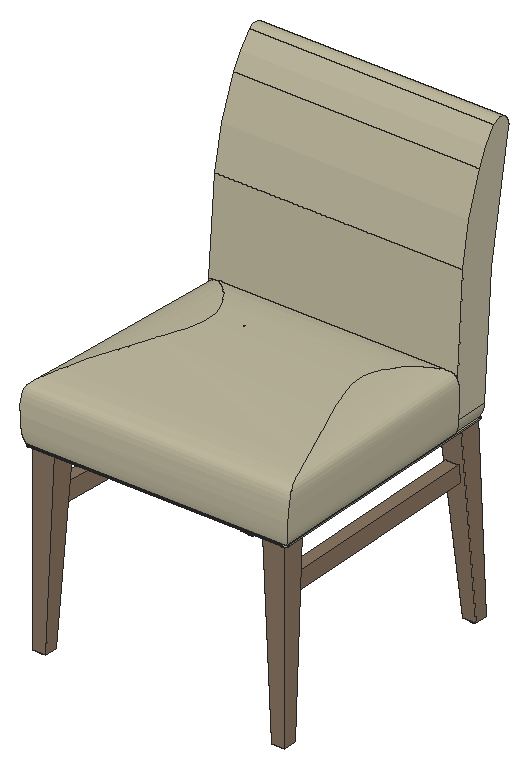
Revit family
Parameters
  URL = "http://www.martinbrattrud.com"
  SCS Certified Product = "Yes"
  Model = "Prince 1010-02"
  Manufacturer = "Martin Brattrud, Inc."
  Leg [instance] = none
  Keynote = "125000"
  Foot [instance] = none
  Copyright = "© 2013 Martin Brattrud, Inc."
  Chair [instance] = none
  Authoring Version = "Revit Architecture 2010"
  Assembly Code = "E2020200"
Reference planes (in)
  plane 1 "Center Front/Back": y = 0
  plane 2: z = 0
  plane 3 "Center Left/Right": x = 0
  plane 4: z = 12
  plane 5: z = 10.62
Forms (in)
  Revolve 1, solid, material <- "Leg"
    sketch origin (-9.59974, -10.3633, 48) x (0, -1, 0) y (0, 0, -1)
      loop
        arc (-0.50027, 48) -> (-0.67687, 47.92668) -> (-0.75, 47.75) r 0.25
        line (-0.75, 47.75) -> (-0.375, 47.75) -> (-0.375, 48) -> (-0.50027, 48)
      axis (-0.375, 48) -> (-0.375, 47.75)
    angle from 0 to 360
  Blend 2, solid, material <- "Leg"
    base sketch origin (-0.23871, 2.3019, 0) x (1, 0, 0) y (0, 1, 0)
      loop
        line (-9.85506, -12.8019) -> (-8.85506, -12.8019) -> (-8.85506, -11.8019) -> (-9.85506, -11.8019) -> (-9.85506, -12.8019)
    top sketch origin (-0.23871, 2.3019, 0) x (1, 0, 0) y (0, 1, 0)
      loop
        line (-9.85506, -12.8019) -> (-8.10506, -12.8019) -> (-8.10506, -11.0519) -> (-9.85506, -11.0519) -> (-9.85506, -12.8019)
    from 0.25 to 15.01306
  Revolve 3, solid, material <- "Leg"
    sketch origin (9.59974, -10.3633, 48) x (0, -1, 0) y (0, 0, 1)
      loop
        line (-0.50027, -48) -> (-0.375, -48) -> (-0.375, -47.75) -> (-0.75, -47.75)
        arc (-0.75, -47.75) -> (-0.67687, -47.92668) -> (-0.50027, -48) r 0.25
      axis (-0.375, -48) -> (-0.375, -47.75)
    angle from 0 to 360
  Blend 4, solid, material <- "Leg"
    base sketch origin (0.23871, 2.3019, 0) x (-1, 0, 0) y (0, -1, 0)
      loop
        line (-9.85506, 12.8019) -> (-9.85506, 11.8019) -> (-8.85506, 11.8019) -> (-8.85506, 12.8019) -> (-9.85506, 12.8019)
    top sketch origin (0.23871, 2.3019, 0) x (-1, 0, 0) y (0, -1, 0)
      loop
        line (-9.85506, 12.8019) -> (-9.85506, 11.0519) -> (-8.10506, 11.0519) -> (-8.10506, 12.8019) -> (-9.85506, 12.8019)
    from 0.25 to 15.01306
  Revolve 5, solid, material <- "Leg"
    sketch origin (-8.91228, 10.3633, 48) x (0, 1, 0) y (0, 0, 1)
      loop
        line (-0.50027, -48) -> (-0.375, -48) -> (-0.375, -47.75) -> (-0.75, -47.75)
        arc (-0.75, -47.75) -> (-0.67687, -47.92668) -> (-0.50027, -48) r 0.25
      axis (-0.375, -48) -> (-0.375, -47.75)
    angle from 0 to 360
  Blend 6, solid, material <- "Leg"
    base sketch origin (0.44875, -2.3019, 0) x (1, 0, 0) y (0, 1, 0)
      loop
        line (-9.85506, 12.8019) -> (-9.85506, 11.8019) -> (-8.85506, 11.8019) -> (-8.85506, 12.8019) -> (-9.85506, 12.8019)
    top sketch origin (0.44875, -2.3019, 0) x (1, 0, 0) y (0, 1, 0)
      loop
        line (-9.85506, 12.0519) -> (-9.85506, 10.3019) -> (-8.10506, 10.3019) -> (-8.10506, 12.0519) -> (-9.85506, 12.0519)
    from 0.25 to 15.01306
  Revolve 7, solid, material <- "Leg"
    sketch origin (8.91228, 10.3633, 48) x (0, 1, 0) y (0, 0, -1)
      loop
        arc (-0.50027, 48) -> (-0.67687, 47.92668) -> (-0.75, 47.75) r 0.25
        line (-0.75, 47.75) -> (-0.375, 47.75) -> (-0.375, 48) -> (-0.50027, 48)
      axis (-0.375, 48) -> (-0.375, 47.75)
    angle from 0 to 360
  Blend 8, solid, material <- "Leg"
    base sketch origin (-0.44875, -2.3019, 0) x (-1, 0, 0) y (0, -1, 0)
      loop
        line (-9.85506, -12.8019) -> (-8.85506, -12.8019) -> (-8.85506, -11.8019) -> (-9.85506, -11.8019) -> (-9.85506, -12.8019)
    top sketch origin (-0.44875, -2.3019, 0) x (-1, 0, 0) y (0, -1, 0)
      loop
        line (-9.85506, -12.0519) -> (-8.10506, -12.0519) -> (-8.10506, -10.3019) -> (-9.85506, -10.3019) -> (-9.85506, -12.0519)
    from 0.25 to 15.01306
  Extrusion 9, solid, material <- "Chair"
    sketch origin (0, 0, 0) x (0, 1, 0) y (0, 0, 1)
      loop
        line (7.0059, 15.01306) -> (7.0059, 19.34446)
        spline (7.0059, 19.34446) -> (6.00213, 19.75431) -> (3.55728, 19.91355) -> (0.521, 19.91903) -> (-2.31561, 19.86153) -> (-4.69942, 19.7757) -> (-6.66666, 19.66602) -> (-8.25637, 19.53665) -> (-9.49463, 19.37572) -> (-10.3642, 19.1174) -> (-10.84804, 18.4539) -> (-10.95337, 16.52991) -> (-10.67744, 15.01306)
        line (-10.67744, 15.01306) -> (7.0059, 15.01306)
    from -12 to 12
  Extrusion 10, void
    sketch origin (0.29662, -0.41226, 0) x (0.999237, -0.03906, 0) y (0, 0, 1)
      loop
        line (-13.38991, 20.96391) -> (-13.38991, 14.39629) -> (-10.13991, 14.39629) -> (-10.13991, 15.01306)
        spline (-10.13991, 15.01306) -> (-10.47778, 15.3864) -> (-10.58215, 16.20865) -> (-10.627, 17.06285) -> (-10.66025, 17.79708) -> (-10.6635, 18.39879) -> (-10.60089, 18.8654) -> (-10.39119, 19.21778) -> (-9.94557, 19.48071) -> (-9.17974, 19.67816) -> (-8.06942, 19.82342) -> (-6.63303, 19.92217) -> (-4.88991, 19.97994)
        line (-4.88991, 19.97994) -> (-4.88991, 20.96391) -> (-13.38991, 20.96391)
    from -8.39425 to 12
  Extrusion 11, void
    sketch origin (-0.29662, -0.41226, 0) x (-0.999237, -0.03906, 0) y (0, 0, -1)
      loop
        line (-13.38991, -20.96391) -> (-4.88991, -20.96391) -> (-4.88991, -19.97994)
        spline (-4.88991, -19.97994) -> (-6.63303, -19.92217) -> (-8.06942, -19.82342) -> (-9.17974, -19.67816) -> (-9.94557, -19.48071) -> (-10.39119, -19.21778) -> (-10.60089, -18.8654) -> (-10.6635, -18.39879) -> (-10.66025, -17.79708) -> (-10.627, -17.06285) -> (-10.58215, -16.20865) -> (-10.47778, -15.3864) -> (-10.13991, -15.01306)
        line (-10.13991, -15.01306) -> (-10.13991, -14.39629) -> (-13.38991, -14.39629) -> (-13.38991, -20.96391)
    from -14.03182 to 12
  Extrusion 12, solid, material <- "Chair"
    sketch origin (0, 0, 0) x (0, 1, 0) y (0, 0, 1)
      loop
        arc (9.75, 15.01306) -> (10.39476, 24.99905) -> (12.31834, 34.8192) r 77.65342
        arc (12.31834, 34.8192) -> (11.89115, 35.79052) -> (10.84875, 35.59216) r 0.85196
        arc (10.84875, 35.59216) -> (9.99758, 34.43285) -> (9.33482, 33.15643) r 9.32465
        arc (9.33482, 33.15643) -> (8.22486, 29.98873) -> (7.53288, 26.70431) r 25.96111
        arc (7.53288, 26.70431) -> (7.13781, 23.0338) -> (7.0059, 19.34446) r 51.65794
        line (7.0059, 19.34446) -> (7.0059, 15.01306) -> (9.75, 15.01306)
    from -10.4375 to 10.4375
  Sweep 13, solid, material <- "Chair"
    path origin (0, 0, 0) x (1, 0, 0) y (0, 1, 0)
      loop
        line (-10.22639, -10.7147) -> (10.22639, -10.7147)
        arc (10.22639, -10.7147) -> (10.31649, -10.67635) -> (10.35129, -10.58482) r 0.125
        line (10.35129, -10.58482) -> (9.56111, 9.62989)
        arc (9.56111, 9.62989) -> (9.52285, 9.7151) -> (9.43621, 9.75) r 0.125
        line (9.43621, 9.75) -> (-9.43621, 9.75)
        arc (-9.43621, 9.75) -> (-9.52285, 9.7151) -> (-9.56111, 9.62989) r 0.125
        line (-9.56111, 9.62989) -> (-10.35129, -10.58482)
        arc (-10.35129, -10.58482) -> (-10.31649, -10.67635) -> (-10.22639, -10.7147) r 0.125
    profile origin (0, -10.7147, 0) x (0, 1, 0) y (0, 0, 1)
      loop
        circle (0, 14.96875) r 0.09375
  Extrusion 14, void
    sketch origin (-0.01564, -0.40006, 0) x (0.999237, -0.03906, 0) y (0, 0, 1)
      loop
        line (-14.99222, 38.14619) -> (-14.99222, 14.76306) -> (-9.56351, 14.76306)
        arc (-9.56351, 14.76306) -> (-10.0621, 15.32067) -> (-10.24222, 16.04666) r 1.55315
        line (-10.24222, 16.04666) -> (-10.24222, 38.14619) -> (-14.99222, 38.14619)
    from -13.79511 to -6.02697
  Extrusion 15, void
    sketch origin (0.01564, -0.40006, 0) x (-0.999237, -0.03906, 0) y (0, 0, -1)
      loop
        line (-14.99222, -38.14619) -> (-10.24222, -38.14619) -> (-10.24222, -16.04666)
        arc (-10.24222, -16.04666) -> (-10.0621, -15.32067) -> (-9.56351, -14.76306) r 1.55315
        line (-9.56351, -14.76306) -> (-14.99222, -14.76306) -> (-14.99222, -38.14619)
    from -13.79511 to -6.02697
  Extrusion 16, solid, material <- "Leg"
    sketch origin (0, 0, 15.01306) x (-1, 0, 0) y (0, -1, 0)
      loop
        line (9.73904, 9.2441) -> (8.73904, 9.2441) -> (8.00286, -8.69311) -> (9.00286, -8.69311) -> (9.73904, 9.2441)
      loop
        line (-9.74206, 9.31767) -> (-9.00286, -8.69311) -> (-8.00286, -8.69311) -> (-8.74206, 9.31767) -> (-9.74206, 9.31767)
    from -4.39306 to -3.01306
Cuts and joins
  Extrusion 10 cuts Blend 2
  Extrusion 11 cuts Blend 4
  Extrusion 10 cuts Blend 6
  Extrusion 11 cuts Blend 8
  joined: Blend 2, Blend 4, Blend 6, Blend 8, Extrusion 16
  Extrusion 10, Extrusion 11 cuts Extrusion 9
  Extrusion 14, Extrusion 15 cuts Extrusion 12
Lines and regions (in)
  model lines
    curve 1: line (-8.71876, -8.75, 15.01306) -> (-8.03131, 8, 15.01306)
    curve 2: line (-9.71876, -8.75, 15.01306) -> (-9.03131, 8, 15.01306)
    curve 3: line (8.71876, -8.75, 15.01306) -> (8.03131, 8, 15.01306)
    curve 4: line (9.71834, -8.7295, 15.01306) -> (9.03089, 8.02051, 15.01306)
